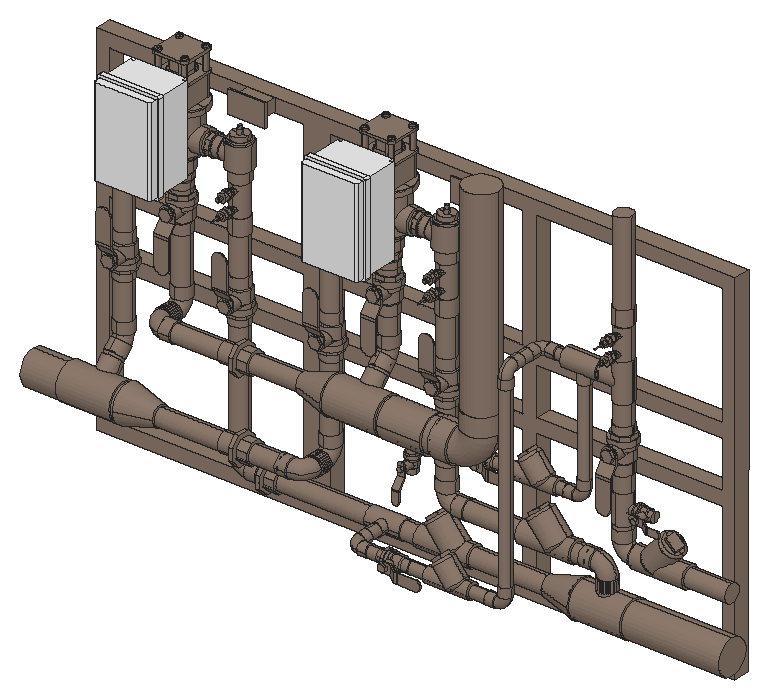
Revit family "Mixing_Valve-Leonard_Valve_Company-Megatron-NV_200_LF_2PS-1", category Pipe Accessories, Revit 2015 (continued)
Definition of nested family "Valve-Ball_Leonard-Valve-Company_R1.0"
  Forms (in)
    Revolve 1, solid, material <- "Material"
      sketch origin (0, 0, 0) x (0, 1, 0) y (0, 0, 1)
        loop
          line (-1.61563, 0.10272) -> (0, 0.10272) -> (0, 0.58027) -> (-1.49595, 0.58027) -> (-1.49595, 0.42947) -> (-1.61563, 0.42947) -> (-1.61563, 0.10272)
        axis (0, 0.10272) -> (-1.61563, 0.10272)
      angle from 0 to 360
    Sweep 2, solid, material <- "Material"
      path origin (0, 0, 0) x (0, 1, 0) y (0, 0, 1)
        loop
          line (-1.71263, 0) -> (-1.9851, 0)
      profile origin (0, -1.84886, 0) x (0, 0, -1) y (1, 0, 0)
        loop
          line (-0.4975, -0.22793) -> (-0.10272, -0.45586) -> (0.29207, -0.22793) -> (0.29207, 0.22793) -> (-0.10272, 0.45586) -> (-0.4975, 0.22793) -> (-0.4975, -0.22793)
    Sweep 3, solid, material <- "Material"
      path origin (0, 0, -0.33041) x (0, 1, 0) y (0, 0, 1)
        loop
          line (-1.61563, -0.00043) -> (-1.71263, -0.00043)
      profile origin (0, -1.66413, -0.33084) x (0, 0, -1) y (1, 0, 0)
        loop
          line (0.45231, -0.61509) -> (0.45231, 0.61509) -> (-0.35461, 0.61509)
          arc (-0.35461, 0.61509) -> (-0.9697, 0) -> (-0.35461, -0.61509) r 0.61509
          line (-0.35461, -0.61509) -> (0.45231, -0.61509)
    Sweep 4, solid, material <- "Material"
      path origin (0, 0, -0.33041) x (0, 1, 0) y (0, 0, 1)
        loop
          line (-2.488, -2.08706) -> (-2.585, -2.08706)
      profile origin (0, -2.5365, -2.41747) x (0, 0, -1) y (1, 0, 0)
        loop
          line (-0.5178, 0.61509) -> (-0.5178, -0.61509) -> (2.09283, -0.61509)
          arc (2.09283, -0.61509) -> (2.70793, 0) -> (2.09283, 0.61509) r 0.61509
          line (2.09283, 0.61509) -> (-0.5178, 0.61509)
    Extrusion 5, solid, material <- "Material"
      sketch origin (0, 0, -0.11343) x (0, 1, 0) y (0, 0, 1)
        loop
          line (-1.61563, -0.66972) -> (-1.61563, -0.63726) -> (-1.71263, -0.63726) -> (-2.585, -1.79494) -> (-2.585, -2.08706) -> (-2.488, -2.08706) -> (-2.488, -1.8274) -> (-1.61563, -0.66972)
      from -0.61509 to 0.61509
    Revolve 6, solid, material <- "Material"
      sketch origin (0, 0, 0) x (1, 0, 0) y (0, 0, 1)
        loop
          line (0, 1.7775) -> (0, 1.12229) -> (0.70201, 1.12229) -> (0.70201, 1.7775) -> (0, 1.7775)
        axis (0, 1.7775) -> (0, 1.12229)
      angle from 0 to 360
    Sweep 7, solid, material <- "Material"
      path origin (0, 0, 0) x (1, 0, 0) y (0, 0, 1)
        loop
          line (0, 1.12229) -> (0, 0.76795)
      profile origin (0, 0, 0.94512) x (0, -1, 0) y (1, 0, 0)
        loop
          line (-0.40179, -0.97) -> (0.40179, -0.97) -> (0.97, -0.40179) -> (0.97, 0.40179) -> (0.40179, 0.97) -> (-0.40179, 0.97) -> (-0.97, 0.40179) -> (-0.97, -0.40179) -> (-0.40179, -0.97)
    Revolve 8, solid, material <- "Material"
      sketch origin (0, 0, 0) x (1, 0, 0) y (0, 0, 1)
        loop
          line (0, 0.76795) -> (-0.97612, 0.76795) -> (-0.97612, 0.34699) -> (-0.89589, 0.34699) -> (-0.89589, -0.01429) -> (-0.81566, -0.01429) -> (-0.81566, -1.00378) -> (-0.70201, -1.11075) -> (-0.70201, -2.01333) -> (0, -2.01333) -> (0, 0.76795)
        axis (0, 0.76795) -> (0, -2.01333)
      angle from 0 to 360
  Cuts and joins
    joined: Sweep 3, Extrusion 5
  Lines and regions (in)
    model lines
      curve 1: line (0, -2.488, -2.08706) -> (0, -2.585, -2.08706)
  Dimensions and locks (in)
    aligned and locked: level to plane 2
    aligned and locked: plane 7 to Sweep 2 sketch curve
    aligned and locked: plane 6 to Sweep 2 sketch curve
    aligned and locked: Sweep 2 sketch curve to plane 2
    aligned and locked: plane 10 to Sweep 3 sketch curve
    aligned and locked: plane 6 to Sweep 3 sketch curve
    aligned and locked: plane 12 to Sweep 4 sketch curve
    aligned and locked: plane 13 to Sweep 4 sketch curve
    aligned and locked: plane 5 to Revolve 6 sketch curve
    aligned and locked: plane 3 "Center (Left/Right)" to Revolve 6 sketch curve
    aligned and locked: Revolve 6 sketch curve to plane 3 "Center (Left/Right)"
    aligned and locked: Revolve 1 sketch curve to plane 1 "Center (Front/Back)"
    aligned and locked: plane 10 to Revolve 1 sketch curve
    aligned and locked: Sweep 3 sketch curve to plane 17
    aligned and locked: Extrusion 5 sketch curve to plane 10
    aligned and locked: Extrusion 5 sketch curve to plane 13
    aligned and locked: Extrusion 5 sketch curve to plane 12
    aligned and locked: cut or joined group of Sweep 3, Extrusion 5 to plane 19
    aligned and locked: plane 21 to Sweep 7 sketch curve
    aligned and locked: Sweep 7 sketch curve to plane 3 "Center (Left/Right)"
    aligned and locked: plane 20 to Sweep 7 sketch curve
    aligned and locked: plane 24 to Revolve 1 sketch curve
    aligned and locked: Revolve 1 sketch curve to plane 24
Definition of nested family "Valve-Ball_Leonard-Valve-Company_R0.65_Tee"
  Parameters (values of type "Valve-Ball_Leonard-Valve-Company_R0.65_Tee")
    Material = none
  Reference planes (in)
    plane 1 "Center (Front/Back)": y = 0
    plane 2: z = 0
    plane 3 "Center (Left/Right)": x = 0
    plane 4: z = -2.65924
    plane 5: z = 1.7775
    plane 6: y = -1.71263
    plane 7: y = -1.9851
    plane 8: y = -1.61563
    plane 9: z = -7.10186
    plane 10: y = -2.488
    plane 11: y = -2.585
    plane 12: z = 3.29776
    plane 13: through (-2.66304, -60, 6.8422) normal (1, 0, -0.0016)
    plane 14: through (-0.36893, -60, 3.14091) normal (-1, 0, 0.0016)
    plane 15: z = 3.29776
    plane 16: through (0.36893, -60, 3.14091) normal (-1, 0, -0.0016)
    plane 17: z = 6.22775
    plane 18: through (2.66304, -60, 6.8422) normal (1, 0, 0.0016)
    plane 19: z = 1.29796
    plane 20: x = -0.67956
    plane 21: x = -0.35575
    plane 22: x = 0.35575
  Forms (in)
    Revolve 1, solid, material <- "Material"
      sketch origin (0, 0, 0) x (0, 1, 0) y (0, 0, 1)
        loop
          line (-1.61563, 0.10272) -> (0, 0.10272) -> (0, 0.58027) -> (-1.49595, 0.58027) -> (-1.49595, 0.42947) -> (-1.61563, 0.42947) -> (-1.61563, 0.10272)
        axis (0, 0.10272) -> (-1.61563, 0.10272)
      angle from 0 to 360
    Sweep 2, solid, material <- "Material"
      path origin (0, 0, 0) x (0, 1, 0) y (0, 0, 1)
        loop
          line (-1.71263, 0) -> (-1.9851, 0)
      profile origin (0, -1.84886, 0) x (0, 0, -1) y (1, 0, 0)
        loop
          line (-0.10272, -0.35575) -> (0.20537, -0.17787) -> (0.20537, 0.17787) -> (-0.10272, 0.35575) -> (-0.4108, 0.17787) -> (-0.4108, -0.17787) -> (-0.10272, -0.35575)
    Sweep 3, solid, material <- "Material"
      path origin (0, 0, -0.33041) x (0, 1, 0) y (0, 0, 1)
        loop
          line (-1.61563, -0.00043) -> (-1.71263, -0.00043)
      profile origin (0, -1.66413, -0.33084) x (0, 0, -1) y (1, 0, 0)
        loop
          line (0.41985, -0.4279) -> (0.41985, 0.42463) -> (-0.72698, 0.42463)
          arc (-0.72698, 0.42463) -> (-1.15325, -0.00164) -> (-0.72698, -0.4279) r 0.42627
          line (-0.72698, -0.4279) -> (0.41985, -0.4279)
    Sweep 4, solid, material <- "Material"
      path origin (0, 0, -0.33041) x (0, 1, 0) y (0, 0, 1)
        loop
          line (-2.488, -2.08706) -> (-2.585, -2.08706)
      profile origin (0, -2.5365, -2.41747) x (0, 0, -1) y (1, 0, 0)
        loop
          line (-0.47664, 0.42463) -> (-0.47664, -0.4279) -> (0.69972, -0.4279)
          arc (0.69972, -0.4279) -> (1.12599, -0.00164) -> (0.69972, 0.42463) r 0.42627
          line (0.69972, 0.42463) -> (-0.47664, 0.42463)
    Extrusion 5, solid, material <- "Material"
      sketch origin (0, 0, -0.11343) x (0, 1, 0) y (0, 0, 1)
        loop
          line (-1.61563, -0.66972) -> (-1.61563, -0.63726) -> (-1.71263, -0.63726) -> (-2.585, -1.79494) -> (-2.585, -1.8999) -> (-2.488, -1.8999) -> (-2.488, -1.8274) -> (-1.61563, -0.66972)
      from -0.4279 to 0.42463
    Sweep 6, solid, material <- "Material"
      path origin (0, 0, 0) x (1, 0, 0) y (0, 0, 1)
        loop
          line (0, 1.29796) -> (0, 1.04298)
      profile origin (0, 0, 1.17047) x (0, -1, 0) y (1, 0, 0)
        loop
          line (-0.28148, -0.67956) -> (0.28148, -0.67956) -> (0.67956, -0.28148) -> (0.67956, 0.28148) -> (0.28148, 0.67956) -> (-0.28148, 0.67956) -> (-0.67956, 0.28148) -> (-0.67956, -0.28148) -> (-0.28148, -0.67956)
    Revolve 7, solid, material <- "Material"
      sketch origin (0, 0, 0) x (1, 0, 0) y (0, 0, 1)
        loop
          line (0, 1.7775) -> (0, 1.29796) -> (0.58477, 1.29796) -> (0.58477, 1.7775) -> (0, 1.7775)
        axis (0, 1.7775) -> (0, 1.29796)
      angle from 0 to 360
    Revolve 8, solid, material <- "Material"
      sketch origin (0, 0, 0) x (1, 0, 0) y (0, 0, 1)
        loop
          line (0, 1.04298) -> (-0.80941, 1.04298) -> (-0.80941, 0.73669) -> (-0.74302, 0.73669) -> (-0.74302, 0.47585) -> (-0.67656, 0.47585) -> (-0.67656, -0.24077) -> (-0.58437, -0.33296) -> (-0.58437, -0.96858) -> (0, -0.96858) -> (0, 1.04298)
        axis (0, 1.04298) -> (0, -0.96858)
      angle from 0 to 360
    Sweep 9, solid, material <- "Material"
      path origin (0, 0, -0.14063) x (1, 0, 0) y (0, 0, 1)
        loop
          line (2.6672, 4.18513) -> (-2.6672, 4.18513)
      profile origin (0, 0, 4.04451) x (0, 0, -1) y (0, -1, 0)
        loop
          circle (0, 0) r 2.162
    Sweep 10, solid, material <- "Material"
      path origin (0, 0, 0) x (1, 0, 0) y (0, 0, 1)
        loop
          line (0, 3.29776) -> (0, 1.7775)
      profile origin (0, 0, 2.53763) x (0, -1, 0) y (1, 0, 0)
        loop
          circle (0, 0) r 0.29987
  Cuts and joins
    joined: Sweep 3, Extrusion 5
  Lines and regions (in)
    model lines
      curve 1: line (0, -2.488, -2.08706) -> (0, -2.585, -2.08706)
  Dimensions and locks (in)
    aligned and locked: level to plane 2
    aligned and locked: plane 19 to Sweep 6 sketch curve
    aligned and locked: Revolve 8 sketch curve to plane 3 "Center (Left/Right)"
    aligned and locked: plane 15 to Sweep 10 sketch curve
    aligned and locked: plane 5 to Sweep 10 sketch curve
    aligned and locked: Sweep 10 sketch curve to plane 3 "Center (Left/Right)"
Definition of nested family "Valve-Ball_Leonard-Valve-Company_R0.65_Tee_02"
  Parameters (values of type "Valve-Ball_Leonard-Valve-Company_R0.65_Tee_02")
    Material = none
  Reference planes (in)
    plane 1 "Center (Front/Back)": y = 0
    plane 2: z = 0
    plane 3 "Center (Left/Right)": x = 0
    plane 4: z = -2.65924
    plane 5: y = -1.71263
    plane 6: y = -1.9851
    plane 7: y = -1.61563
    plane 8: z = -7.10186
    plane 9: y = -2.488
    plane 10: y = -2.585
    plane 11: z = 3.18929
    plane 12: x = -1.76934
    plane 13: through (-0.36893, -60, 3.14091) normal (-1, 0, 0.0016)
    plane 14: z = 1.7775
    plane 15: through (0.36893, -60, 3.14091) normal (-1, 0, -0.0016)
    plane 16: z = 6.22775
    plane 17: x = 1.76075
    plane 18: z = 1.29796
    plane 19: x = -0.67956
    plane 20: x = -0.35575
    plane 21: x = 0.35575
  Forms (in)
    Revolve 1, solid, material <- "Material"
      sketch origin (0, 0, 0) x (0, 1, 0) y (0, 0, 1)
        loop
          line (-1.61563, 0.10272) -> (0, 0.10272) -> (0, 0.58027) -> (-1.49595, 0.58027) -> (-1.49595, 0.42947) -> (-1.61563, 0.42947) -> (-1.61563, 0.10272)
        axis (0, 0.10272) -> (-1.61563, 0.10272)
      angle from 0 to 360
    Sweep 2, solid, material <- "Material"
      path origin (0, 0, 0) x (0, 1, 0) y (0, 0, 1)
        loop
          line (-1.71263, 0) -> (-1.9851, 0)
      profile origin (0, -1.84886, 0) x (0, 0, -1) y (1, 0, 0)
        loop
          line (-0.10272, -0.35575) -> (0.20537, -0.17787) -> (0.20537, 0.17787) -> (-0.10272, 0.35575) -> (-0.4108, 0.17787) -> (-0.4108, -0.17787) -> (-0.10272, -0.35575)
    Sweep 3, solid, material <- "Material"
      path origin (0, 0, -0.33041) x (0, 1, 0) y (0, 0, 1)
        loop
          line (-1.61563, -0.00043) -> (-1.71263, -0.00043)
      profile origin (0, -1.66413, -0.33084) x (0, 0, -1) y (1, 0, 0)
        loop
          line (0.41985, -0.4279) -> (0.41985, 0.42463) -> (-0.72698, 0.42463)
          arc (-0.72698, 0.42463) -> (-1.15325, -0.00164) -> (-0.72698, -0.4279) r 0.42627
          line (-0.72698, -0.4279) -> (0.41985, -0.4279)
    Sweep 4, solid, material <- "Material"
      path origin (0, 0, -0.33041) x (0, 1, 0) y (0, 0, 1)
        loop
          line (-2.488, -2.08706) -> (-2.585, -2.08706)
      profile origin (0, -2.5365, -2.41747) x (0, 0, -1) y (1, 0, 0)
        loop
          line (-0.47664, 0.42463) -> (-0.47664, -0.4279) -> (0.69972, -0.4279)
          arc (0.69972, -0.4279) -> (1.12599, -0.00164) -> (0.69972, 0.42463) r 0.42627
          line (0.69972, 0.42463) -> (-0.47664, 0.42463)
    Extrusion 5, solid, material <- "Material"
      sketch origin (0, 0, -0.11343) x (0, 1, 0) y (0, 0, 1)
        loop
          line (-1.61563, -0.66972) -> (-1.61563, -0.63726) -> (-1.71263, -0.63726) -> (-2.585, -1.79494) -> (-2.585, -1.8999) -> (-2.488, -1.8999) -> (-2.488, -1.8274) -> (-1.61563, -0.66972)
      from -0.4279 to 0.42463
    Sweep 6, solid, material <- "Material"
      path origin (0, 0, 0) x (1, 0, 0) y (0, 0, 1)
        loop
          line (0, 1.29796) -> (0, 1.04298)
      profile origin (0, 0, 1.17047) x (0, -1, 0) y (1, 0, 0)
        loop
          line (-0.28148, -0.67956) -> (0.28148, -0.67956) -> (0.67956, -0.28148) -> (0.67956, 0.28148) -> (0.28148, 0.67956) -> (-0.28148, 0.67956) -> (-0.67956, 0.28148) -> (-0.67956, -0.28148) -> (-0.28148, -0.67956)
    Revolve 7, solid, material <- "Material"
      sketch origin (0, 0, 0) x (1, 0, 0) y (0, 0, 1)
        loop
          line (0, 2.72777) -> (0, 1.29796) -> (0.58477, 1.29796) -> (0.58477, 2.72777) -> (0, 2.72777)
        axis (0, 2.72777) -> (0, 1.29796)
      angle from 0 to 360
    Revolve 8, solid, material <- "Material"
      sketch origin (0, 0, 0) x (1, 0, 0) y (0, 0, 1)
        loop
          line (0, 1.04298) -> (-0.80941, 1.04298) -> (-0.80941, 0.73669) -> (-0.74302, 0.73669) -> (-0.74302, 0.47585) -> (-0.67656, 0.47585) -> (-0.67656, -0.24077) -> (-0.58437, -0.33296) -> (-0.58437, -0.96858) -> (0, -0.96858) -> (0, 1.04298)
        axis (0, 1.04298) -> (0, -0.96858)
      angle from 0 to 360
    Sweep 9, solid, material <- "Material"
      path origin (0, 0, -1.29688) x (1, 0, 0) y (0, 0, 1)
        loop
          line (1.76075, 4.18513) -> (-1.76934, 4.18513)
      profile origin (-0.00429, 0, 2.88826) x (0, 0, -1) y (0, -1, 0)
        loop
          circle (0, 0) r 1.13
  Cuts and joins
    joined: Sweep 3, Extrusion 5
  Lines and regions (in)
    model lines
      curve 1: line (0, -2.488, -2.08706) -> (0, -2.585, -2.08706)
  Dimensions and locks (in)
    aligned and locked: level to plane 2
    aligned and locked: plane 18 to Sweep 6 sketch curve
    aligned and locked: Revolve 8 sketch curve to plane 3 "Center (Left/Right)"
Definition of nested family "Valve-Ball_Leonard-Valve-Company_R2_No handle"
  Parameters (values of type "Valve-Ball_Leonard-Valve-Company_R2_No handle")
    Material = none
  Reference planes (in)
    plane 1 "Center (Front/Back)": y = 0
    plane 2: z = 0
    plane 3 "Center (Left/Right)": x = 0
  Forms (in)
    Revolve 1, solid, material <- "Material"
      sketch origin (0, 0, 0.52335) x (1, 0, 0) y (0, 0, 1)
        loop
          line (0, 3.14045) -> (0, 1.32192) -> (1.12321, 1.32192) -> (1.12321, 3.14045) -> (0, 3.14045)
        axis (0, 3.14045) -> (0, 1.32192)
      angle from 0 to 360
    Sweep 2, solid, material <- "Material"
      path origin (0, 0, 0.52335) x (1, 0, 0) y (0, 0, 1)
        loop
          line (0, 1.32192) -> (0, 0.82049)
      profile origin (0, 0, 1.59456) x (0, -1, 0) y (1, 0, 0)
        loop
          line (-0.71864, -1.73496) -> (0.71864, -1.73496) -> (1.73496, -0.71864) -> (1.73496, 0.71864) -> (0.71864, 1.73496) -> (-0.71864, 1.73496) -> (-1.73496, 0.71864) -> (-1.73496, -0.71864) -> (-0.71864, -1.73496)
    Sweep 3, solid, material <- "Material"
      path origin (0, 0, 0.52335) x (1, 0, 0) y (0, 0, 1)
        loop
          line (0, 0.82049) -> (0, -0.52335)
      profile origin (0, 0, 0.67192) x (0, -1, 0) y (1, 0, 0)
        loop
          line (-0.539, -1.30126) -> (0.539, -1.30126) -> (1.30126, -0.539) -> (1.30126, 0.539) -> (0.539, 1.30126) -> (-0.539, 1.30126) -> (-1.30126, 0.539) -> (-1.30126, -0.539) -> (-0.539, -1.30126)
  Dimensions and locks (in)
    aligned and locked: level to plane 2
    aligned and locked: plane 3 "Center (Left/Right)" to Revolve 1 sketch curve
    aligned and locked: Revolve 1 sketch curve to plane 3 "Center (Left/Right)"
    aligned and locked: Sweep 2 sketch curve to plane 3 "Center (Left/Right)"
    aligned and locked: Sweep 3 sketch curve to plane 3 "Center (Left/Right)"
Definition of nested family "Valve-Ball_Leonard-Valve-Company_R2_No handle 2"
  Parameters (values of type "Valve-Ball_Leonard-Valve-Company_R2_No handle 2")
    Material = none
  Reference planes (in)
    plane 1 "Center (Front/Back)": y = 0
    plane 2: z = 0
    plane 3 "Center (Left/Right)": x = 0
  Forms (in)
    Sweep 1, solid, material <- "Material"
      path origin (0, 0, 0.52335) x (1, 0, 0) y (0, 0, 1)
        loop
          line (0, 1.32192) -> (0, 0.82049)
      profile origin (0, 0, 1.59456) x (0, -1, 0) y (1, 0, 0)
        loop
          line (-0.71864, -1.73496) -> (0.71864, -1.73496) -> (1.73496, -0.71864) -> (1.73496, 0.71864) -> (0.71864, 1.73496) -> (-0.71864, 1.73496) -> (-1.73496, 0.71864) -> (-1.73496, -0.71864) -> (-0.71864, -1.73496)
    Sweep 2, solid, material <- "Material"
      path origin (0, 0, 0.52335) x (1, 0, 0) y (0, 0, 1)
        loop
          line (0, 0.82049) -> (0, -0.52335)
      profile origin (0, 0, 0.67192) x (0, -1, 0) y (1, 0, 0)
        loop
          line (-0.539, -1.30126) -> (0.539, -1.30126) -> (1.30126, -0.539) -> (1.30126, 0.539) -> (0.539, 1.30126) -> (-0.539, 1.30126) -> (-1.30126, 0.539) -> (-1.30126, -0.539) -> (-0.539, -1.30126)
  Dimensions and locks (in)
    aligned and locked: level to plane 2
    aligned and locked: Sweep 1 sketch curve to plane 3 "Center (Left/Right)"
    aligned and locked: Sweep 2 sketch curve to plane 3 "Center (Left/Right)"
